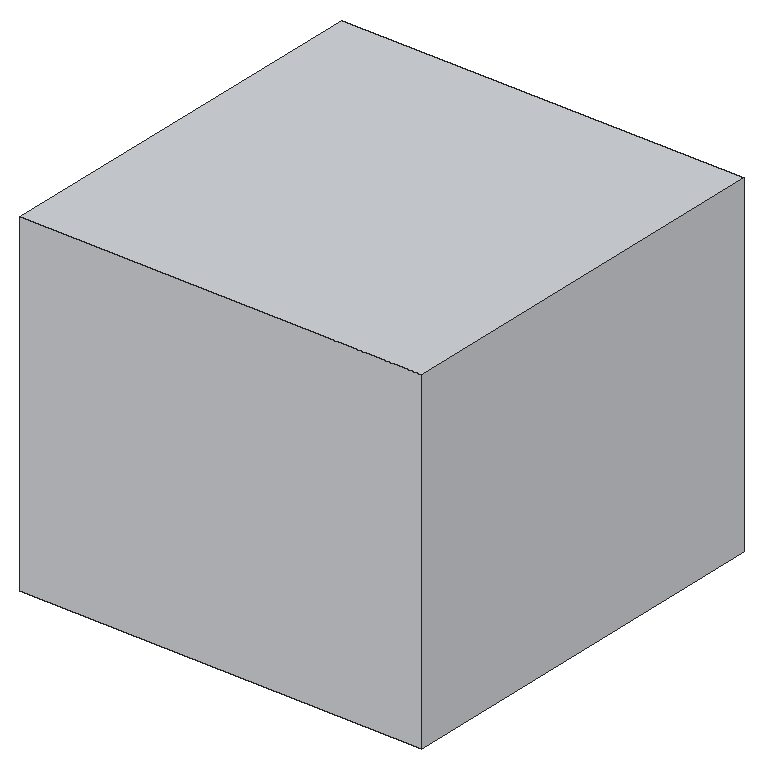
Revit family "defaultFamily", category Generic Models, Revit 2026
Family settings
  Can host rebar = No
  Round Connector Dimension = Use Diameter
  Part Type = Normal
  Work Plane-Based = No
  Always vertical = Yes
  Cut with Voids When Loaded = No
  Maintain Annotation Orientation = No
  Shared = No
  Room Calculation Point = No
Parameters
  Default Elevation = 0 mm
Reference planes
  plane 1 "Center (Front/Back)": y = 0
  plane 2: z = 0
  plane 3 "Center (Left/Right)": x = 0
Forms (mm)
  Extrusion 1, solid
    sketch origin (0, 0, 0) x (1, 0, 0) y (0, 1, 0)
      loop
        line (0, 0) -> (300, 0) -> (300, 300) -> (0, 300) -> (0, 0)
    from 0 to 250
Dimensions and locks
  aligned and locked: level to plane 2
